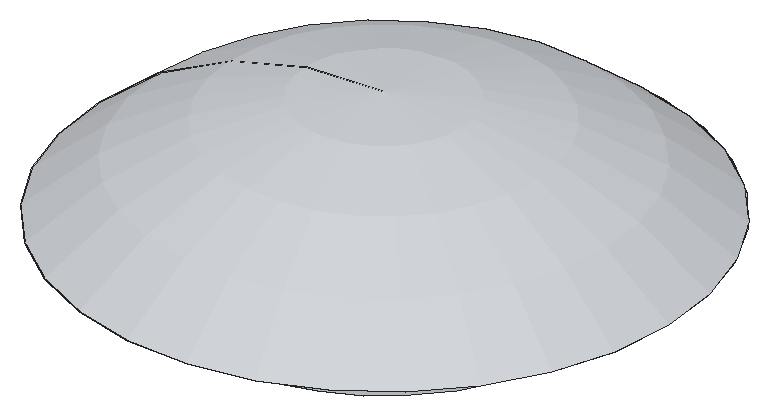
Revit family "43440", category Lighting Fixtures, host Face, Revit 2018
Family settings
  Host = Face
  Round Connector Dimension = Use Diameter
  Part Type = Normal
  OmniClass Number = 23.80.70.00
  OmniClass Title = Lighting
  Cut with Voids When Loaded = No
  Light Source = Yes
  Shared = No
  Room Calculation Point = No
Parameters (values of type "0043440 SRT SUR IP44 2900LM 830/840 DT DIM EM")
  power entry width = 90 mm
  power entry height = 28 mm
  power connector height = 12.5 mm
  power connector centres = 39 mm
  height = 115 mm
  connector position 2 = 40 mm
  connector length = 2 mm
  base height = 40 mm
  backplate diameter = 256 mm
  Weight = "n/a"
  Wattage Comments = ""
  Wattage = 9.2903 W
  WarrantyStartDate [instance] = "n/a"
  WarrantyGuarantorParts = "n/a"
  WarrantyDurationUnit = "n/a"
  WarrantyDurationParts = ""
  WarrantyDescription = "http://www.sylvania-lighting.com"
  built-in parameter 1150110 = 1 (stored number, unit not read)
  Voltage = 0 V
  URL = "1"
  TypeName = "START Surface IP44 2900lm 830/840 DualTone DIM EM"
  Type Image = <None>
  Type Comments = "n/a"
  Tube Diameter = 80 mm
  built-in parameter 1114217 = 1 (stored number, unit not read)
  Tilt Angle = 90.00°
  built-in parameter 1150109 = 1 (stored number, unit not read)
  built-in parameter 1150134 = 3
  built-in parameter 1150113 = 1 (stored number, unit not read)
  SerialNumber [instance] = "n/a"
  Photometric Web File = "0043440-3K (2).ies"
  Material_3_FEILO = none
  PowerFactor = 0
  PowerConsumption = "Lighting"
  NominalLength = 0 mm
  NominalHeight = 0 mm
  NominalDepth = 0 mm
  Name = "START Surface IP44 2900lm 830/840 DualTone DIM EM"
  ModelReference = Name  # "START Surface IP44 2900lm 830/840 DualTone DIM EM"
  ModelNumber = "0043440"
  Model = Name  # "START Surface IP44 2900lm 830/840 DualTone DIM EM"
  Material = "Feilo Sylvania"
  ManufacturerName = "91 lm/W"
  Manufacturer = ""
  LuminousEfficacy = ""
  built-in parameter 1150105 = 109.82 (stored number, unit not read)
  Lumens = 1380 lm
  LuminaireType = "0"
  built-in parameter 1150115 = 1 (stored number, unit not read)
  LightOutputRatio = "LED"
  built-in parameter 1150137 = (empty or 0)
  built-in parameter 1150139 = (empty or 0)
  LampsType = Lamp  # "n/a"
  LampNominalLuminous = "4000 K"
  LampMacAdamStep = "80"
  LampColourTemperature = "LED"
  LampColourRenderingIndex = "16500"
  built-in parameter 1150112 = 1 (stored number, unit not read)
  built-in parameter 1150114 = 1 (stored number, unit not read)
  Lamp = "n/a"
  Keynote = "n/a"
  InstallationDate [instance] = "n/a"
  InputVoltage = "0"
  InputNominalFrequency = "4000"
  built-in parameter 1150132 = (empty or 0)
  built-in parameter 1150102 = (empty or 0)
  built-in parameter 1150107 = 3200 (stored number, unit not read)
  built-in parameter 1150138 = (empty or 0)
  IngressProtection = "IfcLightFixtureType"
  ImpactProtectionIndex = "IfcLightFixtureType"
  built-in parameter 1150106 = 1.0982 (stored number, unit not read)
  IfcExportType = "IfcLightFixtureType"
  IfcExportAs = "Class I"
  Height = 250 mm
  ExpectedLife = 50000
  Emit from Circle Diameter = 609.6 mm
  Emit Shape Visible in Rendering = no
  ElectricShockClassification = "91"
  built-in parameter 1150104 = 13.8 (stored number, unit not read)
  DurationUnit = "hours"
  DocumentationLiterature = "http://www.sylvania-lighting.com/product/en-int/products/0043440"
  DimmingControlOptions = "n/a"
  Material_2_FEILO = none
  Dimming Lamp Color Temperature Shift = <None>
  Diameter = 390 mm
  Description = "Ceiling / wall luminaire with integrated LED. Perfect solution for hallways, circulation spaces or foyer. Even and uniform light distribution with a halo lighting effect on the wall surface. Body Size diameter 390mm. Besa mounting box compatible, hole distance 51 & 78mm. DualTone functionality enables switch between 3000K and 4000K colour temperatures. Power 32W, output 2900 lumens (4000K). Dimmable, leading/trailing edge. IK03, IP44. Low maintenance with lifespan 90,000 hours L70:B50. Integrated non-maintained 3 hours LiFePO4 emergency kit."
  Default Elevation = 1219.2 mm
  CreatedOn = "27/03/2023"
  CreatedBy = "@sylvania-lighting.com"
  Cost = 0
  Color Filter = 16777215
  built-in parameter 1114216 [instance] = (empty or 0)
  ClassificationValue = "EF_70_80"
  ClassificationName = "Uniclass2015"
  Material_1_FEILO = none
  BarCode [instance] = "n/a"
  built-in parameter 1114218 = 1 (stored number, unit not read)
  built-in parameter 1150133 = 10 (stored number, unit not read)
  AssetType = "Fixed"
  AssetIdentifier [instance] = "n/a"
  Assembly Code = "D5020200"
  Apparent Load = 32 VA
  Material_4_FEILO = none
Reference planes
  plane 1 "Center (Front/Back)": y = 0
  plane 2: z = 0
  plane 3 "Center (Left/Right)": x = 0
  plane 4: z = 0
  plane 5: y = 128
  plane 6: y = -128
  plane 7: y = 195
  plane 8: y = -195
  plane 9: z = 40
  plane 10: z = 115
  plane 11: z = 5
  plane 12: z = 20.5
  plane 13: y = -135
  plane 14: z = 20.5
  plane 15: y = -137
  plane 16: y = 155
  plane 17: x = -195
  plane 18: x = 195
Forms (mm)
  Blend 1, solid, detail levels medium+fine
    base sketch origin (4.2, 0, 0) x (1, 0, 0) y (0, 1, 0)
      loop
        circle (-4.2, 0) r 128
    top sketch origin (4.2, 0, 0) x (1, 0, 0) y (0, 1, 0)
      loop
        circle (-4.2, 0) r 128
    from 0 to 20.5
  Revolve 2, solid, detail levels medium+fine
    sketch origin (0, 0, 0) x (1, 0, 0) y (0, 0, 1)
      loop
        arc (195, 40) -> (104.974, 96.933) -> (0, 115) r 272.473
        line (0, 115) -> (0, 40) -> (195, 40)
      axis (0, 115) -> (0, 40)
    angle from -180 to 179.914
  Extrusion 3, solid, detail levels coarse
    sketch origin (0, 1219.2, 38) x (1, 0, 0) y (0, 1, 0)
      loop
        line (195, -1416.13) -> (195, -1024.2) -> (-195, -1024.2) -> (-195, -1416.13) -> (195, -1416.13)
    from -38 to 77
  Blend 4, solid
    base sketch origin (4.2, 0, 0) x (1, 0, 0) y (0, 1, 0)
      loop
        circle (-4.2, 0) r 128
    top sketch origin (4.2, 0, 0) x (1, 0, 0) y (0, 1, 0)
      loop
        circle (-4.2, 0) r 195
    from 20.5 to 40
Dimensions and locks
  "backplate diameter": plane 5 to plane 6
  equal spacing: plane 5, plane 1 "Center (Front/Back)", plane 6
  "Diameter": plane 7 to plane 8
  equal spacing: plane 7, plane 1 "Center (Front/Back)", plane 8
  "base height": plane 9 to level
  "height": plane 10 to host face
  "connector length": plane 13 to plane 15
  "connector position 2": plane 7 to plane 16
  aligned and locked: plane 2 to host face
  aligned and locked: level to host face
  aligned and locked: plane 10 to Extrusion 3
Automatic sketch dimensions
  host sketch curve to host sketch curve = 2438.4 mm  (x2)
  plane 1 "Center (Front/Back)" to Blend 1 sketch curve = 0 mm  (x2)
  Blend 1 sketch curve to plane 3 "Center (Left/Right)" = 0 mm  (x2)
  Extrusion 3 sketch curve to plane 8 = 1.93 mm
  plane 5 to Extrusion 3 sketch curve = 67 mm
  Revolve 2 sketch curve to plane 3 "Center (Left/Right)" = 0 mm  (x2)
  Revolve 2 sketch curve to plane 9 = 0 mm
  plane 18 to Revolve 2 sketch curve = 0 mm
  Revolve 2 sketch curve to plane 10 = 0 mm
  plane 3 "Center (Left/Right)" to Revolve 2 sketch curve = 7.162 mm
  Revolve 2 sketch curve to level = 47.821 mm
  Revolve 2 sketch curve to Revolve 2 sketch curve = 80 mm
  plane 1 "Center (Front/Back)" to Blend 4 sketch curve = 0 mm  (x2)
  Blend 4 sketch curve to plane 3 "Center (Left/Right)" = 0 mm  (x2)
  Extrusion 3 sketch curve to plane 17 = 0 mm
  Extrusion 3 sketch curve to plane 18 = 0 mm
  radius of Blend 1 sketch curve = 128 mm  (x2)
  radius of Blend 4 sketch curve = 128 mm
  radius of Blend 4 sketch curve = 195 mm
Connectors
  electrical at (4.2, 0, 0)
    settings: on host face, index 1, voltage 0 V, apparent load 0 VA, apparent load phase1 0 VA, apparent load phase2 0 VA, apparent load phase3 0 VA, power factor 1, load classification "Other", number of poles 1, system type 31, power factor state 1, is connector primary yes, connector utility no, sub classification motor no, connector description ""
